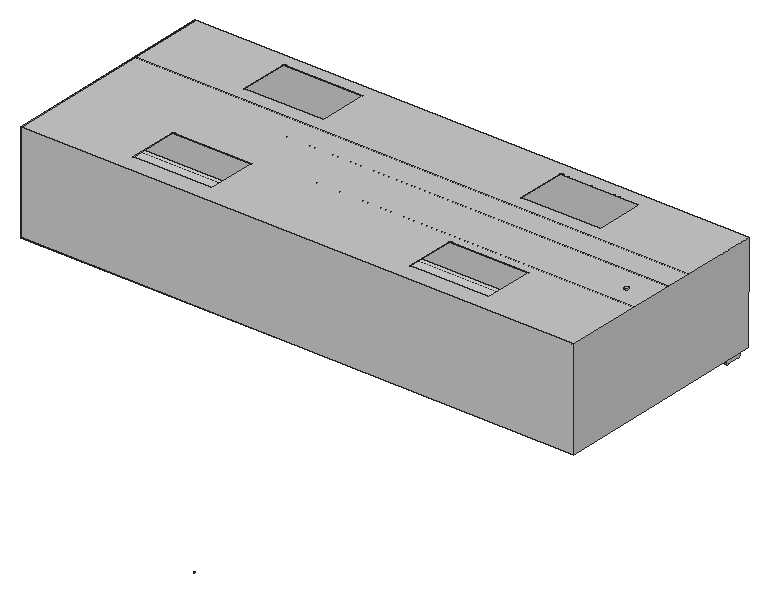
Revit family "QF_ELECTROLUXPROFESSIONAL_641253_STPF1128", category Specialty Equipment, Revit 2014
Reference planes
  plane 1: z = 0
  plane 2 "Center (Left/Right)": x = 150
  plane 3 "LEFT": x = -1250
  plane 4 "RIGHT": x = 1550
  plane 5 "BACK": y = 550
  plane 6 "TOP": z = 2500
  plane 7 "Base": z = 2000
  plane 8: z = 1955
  plane 9 "DrainY": y = 490
  plane 10: x = -1247
  plane 11 "DrainX": x = 1430
  plane 12 "AOLeft2": x = -350
  plane 13 "AORight1": x = 650
  plane 14: x = 1547
  plane 15: x = -1050
  plane 16: x = 1350
  plane 17 "Center (Front/Back)": y = -100
  plane 18 "Front": y = -550
  plane 19 "AOLeft1": x = -750
  plane 20 "AORight2": x = 1050
  plane 21: y = -464
  plane 22: y = -214
  plane 23: y = 240
  plane 24: y = 490
  plane 25 "EI_y": y = -70
  plane 26 "EIx": x = 1430
Forms (mm)
  Extrusion 1, solid, material "QF_Finishes_Stainless Steel"
    sketch origin (-1250, 0, 360) x (0, 1, 0) y (0, 0, 1)
      loop
        line (550, 1640) -> (550, 2140) -> (-550, 2140) -> (-550, 1640) -> (550, 1640)
    from 0 to 3
  Extrusion 2, solid, material "QF_Finishes_Stainless Steel"
    sketch origin (1550, 0, 360) x (0, 1, 0) y (0, 0, 1)
      loop
        line (550, 1640) -> (550, 2140) -> (-550, 2140) -> (-550, 1640) -> (550, 1640)
    from 0 to -3
  Extrusion 3, solid, material "QF_Finishes_Stainless Steel"
    sketch origin (150, 0, 360) x (0, 1, 0) y (0, 0, 1)
      loop
        line (-550, 2140) -> (-550, 1640) -> (-540, 1640) -> (-540, 1640.8) -> (-549.2, 1640.8) -> (-549.2, 2139.19) -> (549.2, 2139.19) -> (549.2, 1640.8) -> (540, 1640.8) -> (540, 1640) -> (550, 1640) -> (550, 2140) -> (-550, 2140)
    from -1400 to 1400
  Extrusion 4, solid, material "QF_Finishes_Stainless Steel"
    sketch origin (0, 0, 2000) x (0, 1, 0) y (-1, 0, 0)
      loop
        circle (490, -1430) r 4.763
    from -30 to 0
  Extrusion 5, void
    sketch origin (0, 0, 2500) x (0, 1, 0) y (-1, 0, 0)
      loop
        line (-214, 350) -> (-214, 750) -> (-464, 750) -> (-464, 350) -> (-214, 350)
    from 0 to -10
  Extrusion 6, solid, material "QF_Finishes_Stainless Steel"
    sketch origin (0, 0, 0) x (1, 0, 0) y (0, 1, 0)
      loop
        line (-1250, 550) -> (-1250, 549) -> (-1249, 549) -> (-1249, 550) -> (-1250, 550)
    from 0 to 1
  Extrusion 7, solid, material "QF_LAMPS"
    sketch origin (150, 0, 360) x (0, 1, 0) y (0, 0, 1)
      loop
        line (-172.823, 1962.324) -> (-18.948, 2086.929) -> (-27.129, 2097.032) -> (-181.003, 1972.426) -> (-172.823, 1962.324)
    from 1397 to -1397
  Sweep 8, solid, material "QF_Finishes_Stainless Steel"
    path origin (0, 0, 0) x (1, 0, 0) y (0, 1, 0)
      loop
        line (1550, 550) -> (-1250, 550) -> (-1250, -550) -> (1550, -550) -> (1550, 550)
    profile origin (1550, 0, 0) x (1, 0, 0) y (0, 0, 1)
      loop
        line (-3, 2000) -> (-3, 2000.8) -> (-19, 2000.8) -> (-19, 2010) -> (-20, 2010) -> (-20, 2000) -> (-3, 2000)
  Extrusion 9, solid, material "QF_Finishes_Stainless Steel"
    sketch origin (150, 0, 0) x (0, 1, 0) y (0, 0, 1)
      loop
        line (414.66, 2095.469) -> (440.643, 2110.471) -> (261.744, 2411.771) -> (235.948, 2396.455) -> (414.66, 2095.469)
    from -1397 to -1200
  Extrusion 10, void
    sketch origin (1134.605, 0, 2500) x (0, 1, 0) y (-1, 0, 0)
      loop
        line (-214, 84.605) -> (-214, 484.605) -> (-464, 484.605) -> (-464, 84.605) -> (-214, 84.605)
    from 0 to -10
  Extrusion 11, solid, material "QF_Finishes_Stainless Steel"
    sketch origin (1430, 0, 0) x (0, 1, 0) y (0, 0, 1)
      loop
        line (539, 2000) -> (441, 2000) -> (441, 1989) -> (448.5, 1989) -> (448.5, 1965)
        arc (448.5, 1965) -> (451.429, 1957.929) -> (458.5, 1955) r 10
        line (458.5, 1955) -> (521.5, 1955)
        arc (521.5, 1955) -> (528.571, 1957.929) -> (531.5, 1965) r 10
        line (531.5, 1965) -> (531.5, 1989) -> (539, 1989) -> (539, 2000)
    from 90 to -90
  Extrusion 12, solid, material "QF_Finishes_Stainless Steel"
    sketch origin (150, 0, 0) x (0, 1, 0) y (0, 0, 1)
      loop
        line (414.66, 2095.469) -> (440.643, 2110.471) -> (261.744, 2411.771) -> (235.948, 2396.455) -> (414.66, 2095.469)
    from 1200 to 1397
  Extrusion 13, solid, material "QF_Finished_Chrome"
    sketch origin (150, 0, 0) x (0, 1, 0) y (0, 0, 1)
      loop
        line (414.66, 2095.469) -> (440.643, 2110.471) -> (261.744, 2411.771) -> (235.948, 2396.455) -> (414.66, 2095.469)
    from -1200 to 1200
  Extrusion 14, void
    sketch origin (0, 1180, 2500) x (0, 1, 0) y (-1, 0, 0)
      loop
        line (-690, 350) -> (-690, 750) -> (-940, 750) -> (-940, 350) -> (-690, 350)
    from 0 to -10
  Extrusion 15, void
    sketch origin (1600, 1180, 2500) x (0, 1, 0) y (-1, 0, 0)
      loop
        line (-690, 550) -> (-690, 950) -> (-940, 950) -> (-940, 550) -> (-690, 550)
    from 0 to -10
  Extrusion 16, solid, material "QF_Finishes_Stainless Steel"
    sketch origin (0, 0, 2500) x (0, 1, 0) y (-1, 0, 0)
      loop
        circle (-70, -1430) r 10
    from 0 to 1.6
  Extrusion 17, solid, material "QF_Finishes_Stainless Steel"
    sketch origin (150, 0, 360) x (0, 1, 0) y (0, 0, 1)
      loop
        line (430.005, 1640) -> (540, 1640) -> (540, 1640.8) -> (430.467, 1640.8) -> (371.906, 1742.23) -> (414.858, 1734.657) -> (442.266, 1750.481) -> (442.266, 1765.943) -> (441.466, 1765.943) -> (441.466, 1750.943) -> (414.709, 1735.495) -> (321.153, 1751.991) -> (320.875, 1750.416) -> (371.4, 1741.507) -> (430.005, 1640)
      loop
        line (172.529, 2139.19) -> (242.893, 2017.316) -> (245.133, 2018.715) -> (240.13, 2027.381) -> (238.569, 2026.405) -> (173.453, 2139.19) -> (172.529, 2139.19)
    from -1397 to 1397
  Extrusion 18, solid, material "QF_Finishes_Stainless Steel"
    sketch origin (150, 200.8, 360) x (0, 1, 0) y (0, 0, 1)
      loop
        line (-750, 2139.19) -> (-750, 1640) -> (-686.602, 1640) -> (-599.146, 1690.493) -> (-610.058, 1709.394) -> (-666.564, 1676.77) -> (-714.704, 1680.982) -> (-749.2, 1730.248) -> (-749.2, 2139.19) -> (-750, 2139.19)
      loop
        line (-373.6, 1961.694) -> (-381.937, 1971.99) -> (-369.095, 1982.182) -> (-369.095, 2139.19) -> (-369.895, 2139.19) -> (-369.895, 1982.569) -> (-682.298, 1734.63) -> (-671.091, 1720.79) -> (-373.6, 1961.694)
      loop
        line (-227.61, 2099.216) -> (-218.171, 2087.559) -> (-154.411, 2139.19) -> (-155.682, 2139.19) -> (-218.052, 2088.684) -> (-226.989, 2099.719) -> (-227.61, 2099.216)
    from -1397 to 1397
  Extrusion 19, solid, material "QF_Finishes_Stainless Steel"
    sketch origin (0, 0, 2500) x (0, 1, 0) y (-1, 0, 0)
      loop
        circle (-70, -1430) r 10
    from 0 to 1.6
Cuts and joins
  Extrusion 5, Extrusion 10, Extrusion 14, Extrusion 15 cuts Extrusion 3
  joined: Extrusion 2, Extrusion 3, Sweep 8
Lines and regions (mm)
  symbolic lines, style "SpecialityEquipment", detail levels coarse
    curve 1: line (1550, 550, 2500) -> (-1250, 550, 2500)
    curve 2: line (-1250, 550, 2500) -> (-1250, -550, 2500)
    curve 3: line (1550, -550, 2500) -> (1550, 550, 2500)
    curve 4: line (-1250, 550, 0) -> (1550, -550, 0)
    curve 5: line (1550, 550, 0) -> (-1250, -550, 0)
    curve 6: line (-1250, -550, 0) -> (1550, -550, 0)
  symbolic lines, detail levels coarse
    curve 7: line (-750, 240, 2500) -> (-350, 240, 2500)
    curve 8: line (-750, 490, 2500) -> (-750, 240, 2500)
    curve 9: line (-350, 490, 2500) -> (-750, 490, 2500)
    curve 10: line (-350, 240, 2500) -> (-350, 490, 2500)
    curve 11: line (650, 490, 2500) -> (650, 240, 2500)
    curve 12: line (1050, 490, 2500) -> (650, 490, 2500)
    curve 13: line (650, 240, 2500) -> (1050, 240, 2500)
    curve 14: line (1050, 240, 2500) -> (1050, 490, 2500)
    curve 15: line (-750, -214, 2500) -> (-350, -214, 2500)
    curve 16: line (-750, -464, 2500) -> (-750, -214, 2500)
    curve 17: line (-350, -464, 2500) -> (-750, -464, 2500)
    curve 18: line (-350, -214, 2500) -> (-350, -464, 2500)
    curve 19: line (650, -214, 2500) -> (1050, -214, 2500)
    curve 20: line (650, -464, 2500) -> (650, -214, 2500)
    curve 21: line (1050, -464, 2500) -> (650, -464, 2500)
    curve 22: line (1050, -214, 2500) -> (1050, -464, 2500)
Dimensions and locks
  plane 3 "LEFT" to plane 4 "RIGHT" = 2800 mm
  equal spacing: plane 3 "LEFT", plane 2 "Center (Left/Right)", plane 4 "RIGHT"
  plane 7 "Base" to plane 8 = 45 mm
  plane 5 "BACK" to plane 9 "DrainY" = 60 mm  (x2)
  plane 3 "LEFT" to plane 10 = 3 mm
  plane 11 "DrainX" to plane 4 "RIGHT" = 120 mm
  plane 14 to plane 4 "RIGHT" = 3 mm
  plane 3 "LEFT" to plane 15 = 200 mm
  plane 16 to plane 4 "RIGHT" = 200 mm
  locked: plane 12 "AOLeft2" to plane 13 "AORight1" at 1000
  equal spacing: plane 12 "AOLeft2", plane 2 "Center (Left/Right)", plane 13 "AORight1"
  locked: plane 7 "Base" to level at 2000
  locked: plane 6 "TOP" to plane 7 "Base" at 500
  locked: plane 19 "AOLeft1" to plane 12 "AOLeft2" at 400
  locked: plane 13 "AORight1" to plane 20 "AORight2" at 400
  locked: plane 22 to plane 21 at 250
  locked: plane 21 to plane 18 "Front" at 86
  locked: plane 24 to plane 23 at 250
  locked: plane 5 "BACK" to plane 24 at 60
  locked: plane 25 "EI_y" to plane 18 "Front" at 480
  locked: plane 26 "EIx" to plane 4 "RIGHT" at 120
  locked: plane 5 "BACK" to plane 18 "Front" at 1100
  plane 5 "BACK" to plane 18 "Front" = 1100 mm
  aligned and locked: level to plane 1
  aligned and locked: plane 4 "RIGHT" to Extrusion 3
  aligned and locked: Extrusion 3 to plane 3 "LEFT"
  aligned and locked: Extrusion 2 to plane 14
  aligned and locked: Extrusion 9 to plane 10
  aligned and locked: Extrusion 5 to plane 19 "AOLeft1"
  aligned and locked: Extrusion 5 to plane 12 "AOLeft2"
  aligned and locked: plane 20 "AORight2" to Extrusion 10
  aligned and locked: plane 13 "AORight1" to Extrusion 10
  aligned and locked: plane 15 to Extrusion 9
  aligned and locked: plane 16 to Extrusion 12
  aligned and locked: plane 14 to Extrusion 12
  aligned and locked: Extrusion 13 to plane 15
  aligned and locked: Extrusion 13 to plane 16
  aligned and locked: plane 14 to Extrusion 7
  aligned and locked: Extrusion 7 to plane 10
  aligned and locked: Extrusion 14 to plane 23
  aligned and locked: plane 24 to Extrusion 14
  aligned and locked: plane 24 to Extrusion 15
  aligned and locked: Extrusion 15 to plane 23
  aligned and locked: plane 13 "AORight1" to Extrusion 15
  aligned and locked: plane 20 "AORight2" to Extrusion 15
  aligned and locked: Extrusion 14 to plane 19 "AOLeft1"
  aligned and locked: Extrusion 14 to plane 12 "AOLeft2"
  aligned and locked: Extrusion 17 to plane 10
  aligned and locked: plane 14 to Extrusion 17
  aligned and locked: Extrusion 5 to plane 21
  aligned and locked: plane 22 to Extrusion 5
  aligned and locked: Extrusion 10 to plane 21
  aligned and locked: Extrusion 18 to plane 10
  aligned and locked: plane 14 to Extrusion 18
Automatic sketch dimensions
  curve 6 to plane 3 "LEFT" = 0 mm
  curve 4 to plane 3 "LEFT" = 0 mm
  curve 5 to plane 4 "RIGHT" = 0 mm
  curve 6 to plane 4 "RIGHT" = 0 mm
  curve 4 to plane 18 "Front" = 0 mm
  curve 4 to plane 5 "BACK" = 0 mm
  curve 5 to plane 5 "BACK" = 0 mm
  Extrusion 1 sketch curve to plane 7 "Base" = 0 mm
  Extrusion 1 sketch curve to plane 18 "Front" = 0 mm
  Extrusion 1 sketch curve to plane 5 "BACK" = 0 mm
  Extrusion 1 sketch curve to plane 6 "TOP" = 0 mm
  Extrusion 2 sketch curve to plane 7 "Base" = 0 mm
  Extrusion 2 sketch curve to plane 18 "Front" = 0 mm
  Extrusion 2 sketch curve to plane 5 "BACK" = 0 mm
  Extrusion 2 sketch curve to plane 6 "TOP" = 0 mm
  Extrusion 3 sketch curve to plane 6 "TOP" = 0 mm
  Extrusion 3 sketch curve to plane 18 "Front" = 0 mm
  Extrusion 3 sketch curve to plane 7 "Base" = 0 mm  (x2)
  Extrusion 3 sketch curve to plane 5 "BACK" = 0 mm
  plane 18 "Front" to Extrusion 3 sketch curve = 0.8 mm
  Extrusion 3 sketch curve to Extrusion 3 sketch curve = 9.2 mm
  plane 7 "Base" to Extrusion 3 sketch curve = 0.8 mm  (x2)
  Extrusion 3 sketch curve to plane 5 "BACK" = 10 mm
  Extrusion 3 sketch curve to plane 5 "BACK" = 0.8 mm
  Extrusion 3 sketch curve to plane 6 "TOP" = 0.81 mm
  Extrusion 4 sketch curve to plane 9 "DrainY" = 0 mm
  Extrusion 4 sketch curve to plane 11 "DrainX" = 0 mm
  Extrusion 5 sketch curve to plane 12 "AOLeft2" = 0 mm
  Extrusion 5 sketch curve to plane 19 "AOLeft1" = 0 mm
  plane 21 to Extrusion 5 sketch curve = 0 mm
  Extrusion 5 sketch curve to plane 25 "EI_y" = 144 mm
  Extrusion 6 sketch curve to plane 3 "LEFT" = 0 mm
  Extrusion 6 sketch curve to plane 5 "BACK" = 0 mm
  plane 3 "LEFT" to Extrusion 6 sketch curve = 1 mm
  Extrusion 6 sketch curve to Extrusion 6 sketch curve = 1 mm
  plane 22 to Extrusion 7 sketch curve = 32.997 mm
  Extrusion 7 sketch curve to Extrusion 7 sketch curve = 8.181 mm  (x2)
  plane 25 "EI_y" to Extrusion 7 sketch curve = 42.871 mm
  Extrusion 7 sketch curve to plane 6 "TOP" = 177.676 mm
  Extrusion 7 sketch curve to Extrusion 7 sketch curve = 10.102 mm
  Extrusion 7 sketch curve to plane 6 "TOP" = 53.071 mm
  Extrusion 7 sketch curve to Extrusion 7 sketch curve = 10.103 mm
  Sweep 8 sketch curve to plane 3 "LEFT" = 0 mm
  Sweep 8 sketch curve to plane 4 "RIGHT" = 0 mm
  Sweep 8 sketch curve to plane 18 "Front" = 0 mm
  Sweep 8 sketch curve to plane 5 "BACK" = 0 mm
  profile plane to Sweep 8 sketch curve = 20 mm
  Sweep 8 sketch curve to Sweep 8 sketch curve = 1 mm
  profile plane to Sweep 8 sketch curve = 3 mm
  level to Sweep 8 sketch curve = 2000 mm
  Sweep 8 sketch curve to Sweep 8 sketch curve = 0.8 mm
  Sweep 8 sketch curve to Sweep 8 sketch curve = 9.2 mm
  Extrusion 9 sketch curve to plane 23 = 4.052 mm
  plane 23 to Extrusion 9 sketch curve = 21.744 mm
  Extrusion 9 sketch curve to plane 9 "DrainY" = 75.34 mm
  Extrusion 9 sketch curve to Extrusion 9 sketch curve = 25.983 mm
  plane 7 "Base" to Extrusion 9 sketch curve = 95.469 mm
  Extrusion 9 sketch curve to Extrusion 9 sketch curve = 15.001 mm
  Extrusion 9 sketch curve to plane 6 "TOP" = 103.545 mm
  Extrusion 9 sketch curve to Extrusion 9 sketch curve = 15.316 mm
  Extrusion 10 sketch curve to plane 20 "AORight2" = 0 mm
  Extrusion 10 sketch curve to plane 13 "AORight1" = 0 mm
  plane 21 to Extrusion 10 sketch curve = 0 mm
  Extrusion 10 sketch curve to plane 25 "EI_y" = 144 mm
  Extrusion 11 sketch curve to plane 8 = 0 mm
  Extrusion 11 sketch curve to plane 7 "Base" = 11 mm  (x2)
  Extrusion 11 sketch curve to plane 9 "DrainY" = 49 mm
  Extrusion 11 sketch curve to Extrusion 11 sketch curve = 7.5 mm  (x2)
  Extrusion 11 sketch curve to Extrusion 11 sketch curve = 10 mm
  Extrusion 11 sketch curve to plane 5 "BACK" = 28.5 mm
  Extrusion 11 sketch curve to plane 5 "BACK" = 18.5 mm
  plane 7 "Base" to Extrusion 11 sketch curve = 0 mm
  Extrusion 12 sketch curve to plane 23 = 4.052 mm
  plane 23 to Extrusion 12 sketch curve = 21.744 mm
  Extrusion 12 sketch curve to plane 9 "DrainY" = 75.34 mm
  Extrusion 12 sketch curve to Extrusion 12 sketch curve = 25.983 mm
  plane 7 "Base" to Extrusion 12 sketch curve = 95.469 mm
  Extrusion 12 sketch curve to Extrusion 12 sketch curve = 15.001 mm
  Extrusion 12 sketch curve to plane 6 "TOP" = 103.545 mm
  Extrusion 12 sketch curve to Extrusion 12 sketch curve = 15.316 mm
  Extrusion 13 sketch curve to plane 23 = 4.052 mm
  plane 23 to Extrusion 13 sketch curve = 21.744 mm
  Extrusion 13 sketch curve to plane 9 "DrainY" = 75.34 mm
  Extrusion 13 sketch curve to Extrusion 13 sketch curve = 25.983 mm
  plane 7 "Base" to Extrusion 13 sketch curve = 95.469 mm
  Extrusion 13 sketch curve to Extrusion 13 sketch curve = 15.001 mm
  Extrusion 13 sketch curve to plane 6 "TOP" = 103.545 mm
  Extrusion 13 sketch curve to Extrusion 13 sketch curve = 15.316 mm
  Extrusion 14 sketch curve to plane 12 "AOLeft2" = 0 mm
  Extrusion 14 sketch curve to plane 23 = 0 mm
  Extrusion 14 sketch curve to plane 9 "DrainY" = 0 mm
  Extrusion 14 sketch curve to plane 19 "AOLeft1" = 0 mm
  Extrusion 15 sketch curve to plane 20 "AORight2" = 0 mm
  Extrusion 15 sketch curve to plane 23 = 0 mm
  Extrusion 15 sketch curve to plane 9 "DrainY" = 0 mm
  Extrusion 15 sketch curve to plane 13 "AORight1" = 0 mm
  Extrusion 16 sketch curve to plane 25 "EI_y" = 0 mm
  Extrusion 16 sketch curve to plane 26 "EIx" = 0 mm
  Extrusion 17 sketch curve to plane 7 "Base" = 0 mm
  Extrusion 17 sketch curve to plane 6 "TOP" = 0.81 mm
  Extrusion 17 sketch curve to plane 23 = 67.471 mm
  Extrusion 17 sketch curve to Extrusion 17 sketch curve = 0.924 mm
  Extrusion 17 sketch curve to plane 23 = 1.431 mm
  plane 23 to Extrusion 17 sketch curve = 0.13 mm
  plane 23 to Extrusion 17 sketch curve = 2.893 mm
  Extrusion 17 sketch curve to Extrusion 17 sketch curve = 2.24 mm
  plane 23 to Extrusion 17 sketch curve = 80.875 mm
  Extrusion 17 sketch curve to Extrusion 17 sketch curve = 0.278 mm
  Extrusion 17 sketch curve to Extrusion 17 sketch curve = 50.525 mm
  Extrusion 17 sketch curve to Extrusion 17 sketch curve = 0.506 mm
  Extrusion 17 sketch curve to Extrusion 17 sketch curve = 42.803 mm
  Extrusion 17 sketch curve to Extrusion 17 sketch curve = 0.148 mm
  Extrusion 17 sketch curve to plane 9 "DrainY" = 59.995 mm
  plane 7 "Base" to Extrusion 17 sketch curve = 0.8 mm
  Extrusion 17 sketch curve to Extrusion 17 sketch curve = 0.462 mm  (x2)
  Extrusion 17 sketch curve to Extrusion 17 sketch curve = 109.533 mm
  Extrusion 17 sketch curve to Extrusion 17 sketch curve = 26.757 mm
  Extrusion 17 sketch curve to Extrusion 17 sketch curve = 0.8 mm
  plane 7 "Base" to Extrusion 17 sketch curve = 94.657 mm
  Extrusion 17 sketch curve to Extrusion 17 sketch curve = 0.838 mm
  Extrusion 17 sketch curve to Extrusion 17 sketch curve = 6.012 mm
  Extrusion 17 sketch curve to Extrusion 17 sketch curve = 0.723 mm
  Extrusion 17 sketch curve to Extrusion 17 sketch curve = 14.986 mm
  Extrusion 17 sketch curve to Extrusion 17 sketch curve = 15 mm
  Extrusion 17 sketch curve to plane 6 "TOP" = 122.684 mm
  Extrusion 17 sketch curve to Extrusion 17 sketch curve = 1.399 mm
  Extrusion 17 sketch curve to Extrusion 17 sketch curve = 9.089 mm
  Extrusion 17 sketch curve to Extrusion 17 sketch curve = 0.975 mm
  Extrusion 18 sketch curve to plane 7 "Base" = 0 mm
  Extrusion 18 sketch curve to Extrusion 18 sketch curve = 0.8 mm  (x2)
  plane 7 "Base" to Extrusion 18 sketch curve = 40.982 mm
  Extrusion 18 sketch curve to Extrusion 18 sketch curve = 35.296 mm
  Extrusion 18 sketch curve to Extrusion 18 sketch curve = 28.102 mm
  plane 7 "Base" to Extrusion 18 sketch curve = 94.63 mm
  Extrusion 18 sketch curve to Extrusion 18 sketch curve = 32.405 mm
  plane 7 "Base" to Extrusion 18 sketch curve = 80.79 mm
  Extrusion 18 sketch curve to Extrusion 18 sketch curve = 11.207 mm
  plane 7 "Base" to Extrusion 18 sketch curve = 36.77 mm
  Extrusion 18 sketch curve to Extrusion 18 sketch curve = 20.038 mm
  plane 7 "Base" to Extrusion 18 sketch curve = 69.394 mm
  Extrusion 18 sketch curve to Extrusion 18 sketch curve = 61.033 mm
  plane 7 "Base" to Extrusion 18 sketch curve = 50.493 mm
  Extrusion 18 sketch curve to Extrusion 18 sketch curve = 10.912 mm
  Extrusion 18 sketch curve to plane 6 "TOP" = 168.01 mm
  Extrusion 18 sketch curve to Extrusion 18 sketch curve = 228.121 mm
  Extrusion 18 sketch curve to plane 6 "TOP" = 178.306 mm
  Extrusion 18 sketch curve to Extrusion 18 sketch curve = 8.337 mm
  Extrusion 18 sketch curve to plane 6 "TOP" = 157.431 mm
  Extrusion 18 sketch curve to Extrusion 18 sketch curve = 12.042 mm
  Extrusion 18 sketch curve to plane 6 "TOP" = 157.818 mm
  Extrusion 18 sketch curve to plane 6 "TOP" = 40.784 mm
  Extrusion 18 sketch curve to Extrusion 18 sketch curve = 141.485 mm
  Extrusion 18 sketch curve to plane 6 "TOP" = 40.281 mm
  Extrusion 18 sketch curve to Extrusion 18 sketch curve = 0.622 mm
  Extrusion 18 sketch curve to plane 6 "TOP" = 52.441 mm
  Extrusion 18 sketch curve to plane 6 "TOP" = 51.316 mm
  Extrusion 18 sketch curve to plane 6 "TOP" = 0.81 mm  (x3)
  Extrusion 18 sketch curve to Extrusion 18 sketch curve = 62.37 mm
  Extrusion 18 sketch curve to Extrusion 18 sketch curve = 1.271 mm
  Extrusion 18 sketch curve to Extrusion 18 sketch curve = 49.266 mm
  Extrusion 19 sketch curve to plane 25 "EI_y" = 0 mm
  Extrusion 19 sketch curve to plane 26 "EIx" = 0 mm
  plane 18 "Front" to Extrusion 18 sketch curve = 0.8 mm
  curve 2 to plane 3 "LEFT" = 0 mm
  curve 2 to plane 18 "Front" = 0 mm
  curve 3 to plane 4 "RIGHT" = 0 mm
  curve 3 to plane 18 "Front" = 0 mm
  curve 21 to plane 13 "AORight1" = 0 mm
  curve 21 to plane 21 = 0 mm
  curve 18 to plane 12 "AOLeft2" = 0 mm
  curve 18 to plane 21 = 0 mm
  curve 19 to plane 20 "AORight2" = 0 mm
  curve 19 to plane 22 = 0 mm
  curve 15 to plane 22 = 0 mm
  curve 13 to plane 13 "AORight1" = 0 mm
  curve 13 to plane 23 = 0 mm
  curve 10 to plane 12 "AOLeft2" = 0 mm
  curve 10 to plane 23 = 0 mm
  curve 14 to plane 9 "DrainY" = 0 mm
  curve 10 to plane 9 "DrainY" = 0 mm
  curve 2 to plane 5 "BACK" = 0 mm
  curve 14 to plane 20 "AORight2" = 0 mm
  curve 17 to plane 19 "AOLeft1" = 0 mm
  curve 7 to plane 19 "AOLeft1" = 0 mm
  radius of Extrusion 4 sketch curve = 4.763 mm
  radius of Extrusion 16 sketch curve = 10 mm
  radius of Extrusion 19 sketch curve = 10 mm
Connectors
  piping at (1430, 490, 1970), diameter 9.5
    settings: on Extrusion 4, index 1, connector inside diameter 609.6 mm, connector length 0 mm, flow factor 0, pipe flow 0.0 L/s, pressure drop 0.0 Pa, fitting loss kfactor 0, connector angle 0.00°, fixture units 0, engagement length 0 mm, angle of deflection 0.00°, flow configuration 1, flow direction 2, fitting loss method 0, system type 16, joint type 0, gender type 0, connector reference index -1, connector utility 0, adjustable connector no, is connector primary yes, connector description "Drain"
  hvac at (-550, -339, 2500)
    settings: on Extrusion 5, index 2, duct flow 0.0 L/s, flow factor 0, pres drop 0.0 Pa, loss coef 0, conn angle 0.00°, conn width 250 mm, conn height 400 mm, conn diameter 609.6 mm, duct sys type 1, conn prof type 1, flow config 1, flow direction 1, loss method 0, conn ref index -1, conn util no, is conn primary yes, conn desc "AIR INLET"
  hvac at (850, -339, 2500)
    settings: on Extrusion 10, index 3, duct flow 0.0 L/s, flow factor 0, pres drop 0.0 Pa, loss coef 0, conn angle 0.00°, conn width 250 mm, conn height 400 mm, conn diameter 609.6 mm, duct sys type 1, conn prof type 1, flow config 1, flow direction 1, loss method 0, conn ref index -1, conn util no, is conn primary no, conn desc "AIR INLET"
  hvac at (-550, 365, 2500)
    settings: on Extrusion 14, index 4, duct flow 0.0 L/s, flow factor 0, pres drop 0.0 Pa, loss coef 0, conn angle 0.00°, conn width 250 mm, conn height 400 mm, conn diameter 609.6 mm, duct sys type 3, conn prof type 1, flow config 1, flow direction 2, loss method 0, conn ref index -1, conn util no, is conn primary no, conn desc "EXHAUST OUTLET"
  hvac at (850, 365, 2500)
    settings: on Extrusion 15, index 5, duct flow 0.0 L/s, flow factor 0, pres drop 0.0 Pa, loss coef 0, conn angle 0.00°, conn width 250 mm, conn height 400 mm, conn diameter 609.6 mm, duct sys type 3, conn prof type 1, flow config 1, flow direction 2, loss method 0, conn ref index -1, conn util no, is conn primary no, conn desc "EXHAUST OUTLET"
  electrical at (1430, -70, 2501.6)
    settings: on Extrusion 16, index 6, voltage 0 V, apparent load 0 VA, apparent load phase1 0 VA, apparent load phase2 0 VA, apparent load phase3 0 VA, power factor 1, load classification "Other", number of poles 1, system type 30, power factor state 1, is connector primary yes, connector utility no, sub classification motor no, connector description "Electrical Connection"
  electrical at (1430, -70, 2501.6)
    settings: on Extrusion 19, index 12, voltage 0 V, apparent load 0 VA, apparent load phase1 0 VA, apparent load phase2 0 VA, apparent load phase3 0 VA, power factor 1, load classification "Other", number of poles 1, system type 30, power factor state 1, is connector primary no, connector utility no, sub classification motor no, connector description ""
